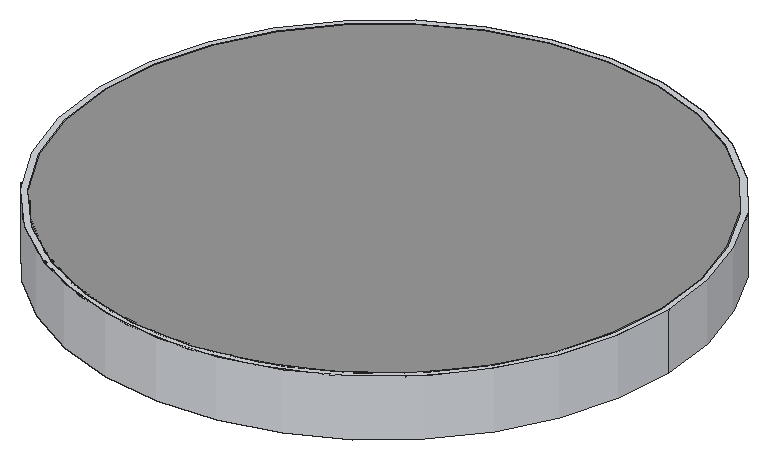
Revit family "2071216", category Lighting Fixtures, host Face, Revit 2018
Family settings
  Host = Face
  Round Connector Dimension = Use Diameter
  Part Type = Normal
  OmniClass Number = 23.80.70.00
  OmniClass Title = Lighting
  Cut with Voids When Loaded = No
  Light Source = Yes
  Shared = No
  Room Calculation Point = No
Parameters (values of type "2071216 COLOSSAL 600 840 PR DIR+H WHT EM")
  iner diameter = 588 mm
  Weight = "n/a"
  Wattage Comments = ""
  Wattage = 30 W
  WarrantyStartDate [instance] = "n/a"
  WarrantyGuarantorParts = "n/a"
  WarrantyDurationUnit = "n/a"
  WarrantyDurationParts = ""
  WarrantyDescription = "http://www.sylvania-lighting.com"
  built-in parameter 1150110 = 1 (stored number, unit not read)
  Voltage = 230 V
  URL = "0.95"
  TypeName = "COLOSSAL 600mm 840 PRISM DIR+HAL WHITE EM"
  Type Image = <None>
  Type Comments = "n/a"
  built-in parameter 1114217 = 1 (stored number, unit not read)
  Tilt Angle = -90.00°
  built-in parameter 1150109 = 1 (stored number, unit not read)
  built-in parameter 1150134 = (empty or 0)
  built-in parameter 1150113 = 1 (stored number, unit not read)
  SerialNumber [instance] = "n/a"
  Photometric Web File = "2071216.ies"
  Material_3_SYL = LED-Sylvania
  PowerFactor = 0
  PowerConsumption = "Lighting"
  NominalLength = 600 mm
  NominalHeight = 93 mm
  NominalDepth = 600 mm
  Name = "COLOSSAL 600mm 840 PRISM DIR+HAL WHITE EM"
  ModelReference = Name  # "COLOSSAL 600mm 840 PRISM DIR+HAL WHITE EM"
  ModelNumber = "2071216"
  Model = Name  # "COLOSSAL 600mm 840 PRISM DIR+HAL WHITE EM"
  Material = "Feilo Sylvania"
  ManufacturerName = "127 lm/W"
  Manufacturer = ""
  LuminousEfficacy = ""
  built-in parameter 1150105 = 270.44 (stored number, unit not read)
  Lumens = 3398.4 lm
  LuminaireType = "0"
  built-in parameter 1150115 = 1 (stored number, unit not read)
  LightOutputRatio = "LED"
  built-in parameter 1150137 = (empty or 0)
  built-in parameter 1150139 = (empty or 0)
  LampsType = Lamp  # "n/a"
  LampNominalLuminous = "4000 K"
  LampMacAdamStep = "80"
  LampColourTemperature = "LED"
  LampColourRenderingIndex = "16500"
  built-in parameter 1150112 = 1 (stored number, unit not read)
  built-in parameter 1150114 = 1 (stored number, unit not read)
  Lamp = "n/a"
  Keynote = "n/a"
  InstallationDate [instance] = "n/a"
  InputVoltage = "0"
  InputNominalFrequency = "4000"
  built-in parameter 1150132 = (empty or 0)
  built-in parameter 1150102 = (empty or 0)
  built-in parameter 1150107 = 3000 (stored number, unit not read)
  built-in parameter 1150138 = (empty or 0)
  IngressProtection = "IfcLightFixtureType"
  ImpactProtectionIndex = "IfcLightFixtureType"
  built-in parameter 1150106 = 2.7044 (stored number, unit not read)
  IfcExportType = "IfcLightFixtureType"
  IfcExportAs = "Class I"
  Emit from Circle Diameter = 385 mm
  Emit Shape Visible in Rendering = no
  ElectricShockClassification = "127"
  built-in parameter 1150104 = 10.524 (stored number, unit not read)
  DocumentationLiterature = "http://www.sylvania-lighting.com/product/en-int/products/2071216"
  DimmingControlOptions = "n/a"
  Material_2_SYL = Polycarbonate_Sylvania_White
  Dimming Lamp Color Temperature Shift = <None>
  Description = "600mm diameter circular architectural luminaire, can be surface mounted or suspended. Powder coated aluminium housing (RAL9016) with PMMA prismatic diffuser. Direct/indirect (halo) light distribution, 4090lm luminuous flux, 32.1W system power, 127lm/W luminiaire efficacy. Constant current driver. 3 hours integrated emergency. Colour rendering index Ra >80, 4000K Neutral White LED, chromaticity tolerance of 3-step MacAdam ellipse. IP40, IK03. 350mA drive current. UGR≤19. Electrical protection Class1, 220-240V. Reported lifetime 66k hours L90B10."
  Default Elevation = 1219.2 mm
  CreatedOn = "23/03/2022"
  CreatedBy = "@sylvania-lighting.com"
  Cost = 0
  Color Filter = 16777215
  built-in parameter 1114216 [instance] = (empty or 0)
  ClassificationValue = "EF_70_80"
  ClassificationName = "Uniclass2015"
  Material_1_SYL = Polycarbonate_Sylvania_Opal
  BarCode [instance] = "n/a"
  built-in parameter 1114218 = 1 (stored number, unit not read)
  built-in parameter 1150133 = 10 (stored number, unit not read)
  AssetType = "Fixed"
  AssetIdentifier [instance] = "n/a"
  Assembly Code = "D5020200"
  Apparent Load = 32.1 VA
  Material_4_SYL = none
Reference planes
  plane 1 "Center (Front/Back)": y = 0
  plane 2: z = 0
  plane 3 "Center (Left/Right)": x = 0
  plane 4: x = -300
  plane 5: x = 300
  plane 6: y = 300
  plane 7: y = -300
  plane 8: y = 212
  plane 9: y = -212
  plane 10: z = 93
  plane 11: y = 294
  plane 12: y = -294
  plane 13: through (0, 0, 1219.2) normal (0.5, -0.866, 0)
  plane 14: through (-134.29, 20.617, 1219.2) normal (0.5, -0.866, 0)
  plane 15: through (-144.685, -181.683, 1219.2) normal (-0.5, 0.866, 0)
  plane 16: through (0, 0, 1219.2) normal (0.5, 0.866, 0)
  plane 17: through (178.555, -4.939, 1219.2) normal (0.5, 0.866, 0)
  plane 18: through (87.581, -148.715, 1219.2) normal (0.5, 0.866, 0)
  plane 19: y = 272
  plane 20: through (105.168, 227.067, 1219.2) normal (0.866, 0.5, 0)
  plane 21: through (-104.171, 225.672, 1219.2) normal (0.8572, -0.515, 0)
  plane 22: y = -204.612
  plane 23: through (-296.643, -30.2, 1219.2) normal (0.866, 0.5, 0)
  plane 24: through (153.092, -278.837, 1219.2) normal (-0.866, 0.5, 0)
Forms (mm)
  Extrusion 1, solid, detail levels medium+fine
    sketch origin (0, 0, 0) x (1, 0, 0) y (0, 1, 0)
      loop
        circle (0, 0) r 300
    from 33.023 to 93
  Extrusion 2, void
    sketch origin (0, 0, 0) x (1, 0, 0) y (0, 1, 0)
      loop
        circle (0, 0) r 294
    from 93 to 37.292
  Extrusion 3, solid, material "Glass, White, High Luminance", detail levels fine
    sketch origin (0, 0, 0) x (1, 0, 0) y (0, 1, 0)
      loop
        circle (0, 0) r 294
    from 88.026 to 93
  Extrusion 4, solid, detail levels coarse
    sketch origin (0, 0, 0) x (1, 0, 0) y (0, 1, 0)
      loop
        line (-300, 300) -> (-300, -300) -> (300, -300) -> (300, 300) -> (-300, 300)
    from 0 to 93
  Blend 5, solid, detail levels medium+fine
    base sketch origin (0, 0, 0) x (1, 0, 0) y (0, 1, 0)
      loop
        line (-76.334, 272) -> (-277.665, -63.07) -> (-195.946, -204.612) -> (195.946, -204.612) -> (275.172, -67.388) -> (79.226, 272) -> (-76.334, 272)
    top sketch origin (0, 0, 0) x (1, 0, 0) y (0, 1, 0)
      loop
        line (-226.097, -32.388) -> (-141.097, -179.612) -> (141.097, -179.612) -> (226.097, -32.388) -> (85, 212) -> (-85, 212) -> (-226.097, -32.388)
    from 33.023 to 0
Cuts and joins
  Extrusion 2 cuts Extrusion 1
Lines and regions (mm)
  model lines
    curve 1: line (-85, 212, 0) -> (0, 212, 0)
    curve 2: line (0, 212, 0) -> (85, 212, 0)
Dimensions and locks
  "NominalDepth": plane 6 to plane 7
  "NominalLength": plane 4 to plane 5
  equal spacing: plane 4, plane 3 "Center (Left/Right)", plane 5
  "iner diameter": plane 11 to plane 12
  equal spacing: plane 11, plane 1 "Center (Front/Back)", plane 12
  equal spacing: plane 6, plane 1 "Center (Front/Back)", plane 7
  "NominalHeight": plane 10 to level
  radius of Extrusion 2 sketch curve = 294 mm
  aligned and locked: plane 2 to host face
  aligned and locked: level to host face
Automatic sketch dimensions
  host sketch curve to host sketch curve = 2438.4 mm  (x2)
  plane 1 "Center (Front/Back)" to Extrusion 1 sketch curve = 0 mm
  Extrusion 1 sketch curve to plane 3 "Center (Left/Right)" = 0 mm
  plane 1 "Center (Front/Back)" to Extrusion 2 sketch curve = 0 mm
  Extrusion 2 sketch curve to plane 3 "Center (Left/Right)" = 0 mm
  plane 1 "Center (Front/Back)" to Extrusion 3 sketch curve = 0 mm
  Extrusion 3 sketch curve to plane 3 "Center (Left/Right)" = 0 mm
  Extrusion 4 sketch curve to plane 4 = 0 mm
  Extrusion 4 sketch curve to plane 5 = 0 mm
  Extrusion 4 sketch curve to plane 7 = 0 mm
  Extrusion 4 sketch curve to plane 6 = 0 mm
  Blend 5 sketch curve to plane 8 = 0 mm
  Blend 5 sketch curve to plane 3 "Center (Left/Right)" = 85 mm
  plane 3 "Center (Left/Right)" to Blend 5 sketch curve = 85 mm
  plane 9 to Blend 5 sketch curve = 32.388 mm
  plane 3 "Center (Left/Right)" to Blend 5 sketch curve = 141.097 mm
  plane 1 "Center (Front/Back)" to Blend 5 sketch curve = 32.388 mm  (x2)
  Blend 5 sketch curve to plane 5 = 73.903 mm
  Blend 5 sketch curve to plane 3 "Center (Left/Right)" = 141.097 mm
  plane 4 to Blend 5 sketch curve = 73.903 mm
  curve 1 to plane 8 = 0 mm
  curve 2 to plane 3 "Center (Left/Right)" = 0 mm
  curve 1 to plane 3 "Center (Left/Right)" = 85 mm
  curve 1 to curve 2 = 85 mm
  Blend 5 sketch curve to plane 21 = 0 mm
  Blend 5 sketch curve to plane 23 = 0 mm  (x2)
  Blend 5 sketch curve to plane 22 = 0 mm
  Blend 5 sketch curve to plane 19 = 0 mm
  plane 21 to Blend 5 sketch curve = 0 mm
  Blend 5 sketch curve to plane 20 = 0 mm  (x2)
  Blend 5 sketch curve to plane 24 = 0 mm  (x2)
  radius of Extrusion 1 sketch curve = 300 mm
  radius of Extrusion 3 sketch curve = 294 mm
Connectors
  electrical at (0, 0, 0), driven by "Apparent Load", driven by "PowerFactor", driven by "Voltage"
    settings: index 1, voltage 230 V, apparent load 32.1 VA, apparent load phase1 0 VA, apparent load phase2 0 VA, apparent load phase3 0 VA, power factor 0, load classification "Lighting", number of poles 1, system type 30, power factor state 1, is connector primary yes, connector utility no, sub classification motor no, connector description ""
